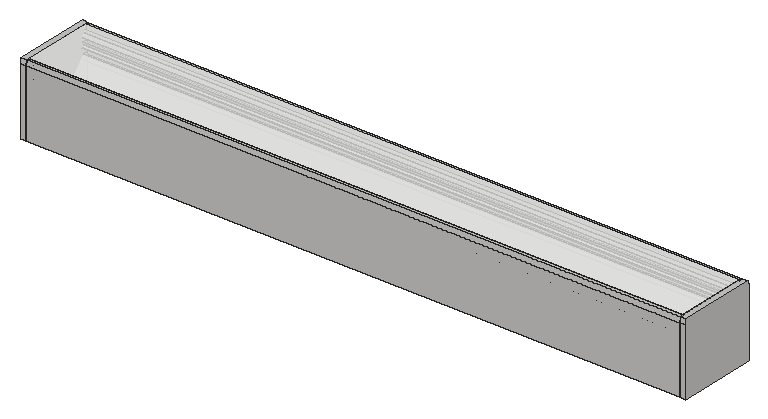
Revit family "Lighting - Luminii - Dagger - Array", category Lighting Fixtures, host Face, Revit 2020
Family settings
  Host = Face
  Round Connector Dimension = Use Diameter
  Part Type = Normal
  OmniClass Number = 23.80.70.11.14.21
  OmniClass Title = Spots and Tracklight Specialties
  Cut with Voids When Loaded = No
  Light Source = No
  Shared = Yes
  Room Calculation Point = No
Parameters (values of type "Dagger")
  Width = 1 51/128"  # constant formula
  Wattage Comments = "1.00 W/ft"
  Warranty URL = "https://www.luminii.com/terms-conditions/"
  Voltage Comments = " 120VAC - 277VAC"  # constant formula
  Voltage = 120 V
  Version = "2020 - v1.0a"  # constant formula
  URL = "https://www.luminii.com/"
  Support Phone = "224-699-9545"  # constant formula
  Support Email = "mailto:support@bimsmith.com"
  Product Page URL = "https://www.luminii.com/product/dagger/"
  Product Name = "Dagger – Static White"  # constant formula
  Product Documentation Link = "https://www.luminii.com/wp-content/uploads/z_special_catalog_products/products/dagger/specsheets/DAGGER_specsheet.pdf"
  Power Source Type = "Driver"  # constant formula
  Power Factor = 1
  Phase = 1
  Operating Temperature = "Consult Manufacturer Website for more Information"  # constant formula
  Number of Poles = if(and(or(Voltage = 120 V, Voltage = 277 V), Phase = 1), 1, if(and(or(Voltage = 208 V, Voltage = 240 V), Phase = 1), 2, if(and(or(Voltage = 208 V, Voltage = 240 V), Phase = 3), 3, if(and(Voltage > 300 V, Phase = 1), 2, if(and(Voltage > 400 V, Phase = 3), 3, 1)))))  # 1
  Mounting Method = "Surface Mount"  # constant formula
  Model = "565-135"
  Manufacturer Phone Number = "224-333-6033"  # constant formula
  Manufacturer Email = "mailto:info@luminii.com"
  Manufacturer Address = "7777 N Merrimac Ave, Niles, IL 60714"  # constant formula
  Manufacturer = "Luminii"  # constant formula
  Lumen Output = "98 lm/ft"
  Load Classification = Lighting
  Lens Material = Plastic - Luminii - Frosted Lens
  Length Comments [instance] = "Perfomance based on 1\" Photometric Web File"  # constant formula
  Length [instance] = if(Desired Length < 12", 12", if(Desired Length > 720", 720", (round(Desired Length / 1")) * 1"))  # 12"
  Lamp Life = 1
  Lamp = "LED"  # constant formula
  Keynote = "26 50 00"
  Instruction Sheet Link = "https://www.luminii.com/wp-content/uploads/z_special_catalog_products/products/dagger/specsheets/DAGGER_specsheet.pdf"
  Initial Color Comments = "Perfomance based on 3500K Photometric Web File"  # constant formula
  Housing Protection Rating = "IP20 Dry/IP66 Wet Series"  # constant formula
  Has Dimming = 1 = 1  # yes
  Has Battery Backup = 0 = 1  # no
  Frequency Comments = ""  # constant formula
  Frequency = 60 Hz
  Finish = Metal - Luminii - Silver Anodized Aluminum
  Environment = "Indoor"  # constant formula
  Desired Length [instance] = 12"
  Description = "Linear LED system"  # constant formula
  Depth = 1 77/256"  # constant formula
  Default Elevation = 0"  # constant formula
  Current Amps = 50 A
  Copyright = "©2023 Luminii"  # constant formula
  built-in parameter 1114216 [instance] = 0  # (empty or 0)
  built-in parameter 1140040 [instance] = 1 = 1  # 1
  CCT = "3000K"
  C LED Number [instance] = Length / 1"  # 12
  C End Caps Width = 13/128"  # constant formula
  Assembly Code = "D5020230"
  Apparent Load = 1 VA
Reference planes (in)
  plane 1 "Center (Front/Back)": y = 0
  plane 2: z = 0
  plane 3 "Center (Left/Right)": x = 0
  plane 4: x = -6
  plane 5: x = 6
  plane 6: y = 0.69922
  plane 7: y = -0.69922
  plane 8: x = -5.89844
  plane 9: x = 5.89844
  plane 10: z = 1.29921
Forms (in)
  Extrusion 1, solid, material "Metal - Luminii - Silver Anodized Aluminum", not visible
    sketch origin (0, 0, 0) x (1, 0, 0) y (0, 1, 0)
      loop
        circle (0, 0) r 0.5
    from 0 to -0.17225
  Sweep 2, solid, material "Metal - Luminii - Silver Anodized Aluminum" <- "Finish", detail levels medium+fine
    path origin (0, 0, 0) x (1, 0, 0) y (0, 1, 0)
      loop
        line (-5.89844, 0) -> (5.89844, 0)
    profile origin (0, 0, 0) x (0, 1, 0) y (0, 0, 1)
      loop
        line (0.70866, 1.2099) -> (0.69291, 1.29921) -> (0.64961, 1.29921) -> (0.64961, 1.12205) -> (0.60236, 1.12205) -> (0.60236, 1.04985)
        arc (0.60236, 1.04985) -> (0.60889, 1.03409) -> (0.62465, 1.02756) r 0.02229
        line (0.62465, 1.02756) -> (0.65748, 1.02756) -> (0.65748, 0.10827) -> (0.49727, 0.10827) -> (0.39486, 0.23031) -> (0.26378, 0.23031) -> (0.22919, 0.20129)
        arc (0.22919, 0.20129) -> (0.20822, 0.19853) -> (0.19685, 0.21637) r 0.01969
        line (0.19685, 0.21637) -> (0.19685, 0.33858) -> (0, 0.33858) -> (-0.19685, 0.33858) -> (-0.19685, 0.21637)
        arc (-0.19685, 0.21637) -> (-0.20822, 0.19853) -> (-0.22919, 0.20129) r 0.01969
        line (-0.22919, 0.20129) -> (-0.26378, 0.23031) -> (-0.39486, 0.23031) -> (-0.49727, 0.10827) -> (-0.65748, 0.10827) -> (-0.65748, 1.02756) -> (-0.62465, 1.02756)
        arc (-0.62465, 1.02756) -> (-0.60889, 1.03409) -> (-0.60236, 1.04985) r 0.02229
        line (-0.60236, 1.04985) -> (-0.60236, 1.12205) -> (-0.64961, 1.12205) -> (-0.64961, 1.29921) -> (-0.69291, 1.29921) -> (-0.70866, 1.2099) -> (-0.70866, 0) -> (-0.65551, 0) -> (-0.65551, 0.05512) -> (-0.47249, 0.05512) -> (-0.37008, 0.17717) -> (-0.32285, 0.17717)
        arc (-0.32285, 0.17717) -> (-0.29388, 0.14959) -> (-0.30664, 0.11168) r 0.03721
        line (-0.30664, 0.11168) -> (-0.338, 0.09201) -> (-0.31538, 0.06689)
        arc (-0.31538, 0.06689) -> (-0.28675, 0.05369) -> (-0.25746, 0.06537) r 0.03994
        line (-0.25746, 0.06537) -> (-0.22835, 0.09449) -> (-0.08858, 0.09449) -> (-0.08858, 0.14764) -> (-0.1437, 0.14764) -> (-0.1437, 0.28543) -> (0, 0.28543) -> (0.1437, 0.28543) -> (0.1437, 0.14764) -> (0.08858, 0.14764) -> (0.08858, 0.09449) -> (0.22835, 0.09449) -> (0.25746, 0.06537)
        arc (0.25746, 0.06537) -> (0.28675, 0.05369) -> (0.31538, 0.06689) r 0.03994
        line (0.31538, 0.06689) -> (0.338, 0.09201) -> (0.30664, 0.11168)
        arc (0.30664, 0.11168) -> (0.29388, 0.14959) -> (0.32285, 0.17717) r 0.03721
        line (0.32285, 0.17717) -> (0.37008, 0.17717) -> (0.47249, 0.05512) -> (0.65551, 0.05512) -> (0.65551, 0) -> (0.70866, 0) -> (0.70866, 1.2099)
  Sweep 3, solid, material "Plastic - Luminii - Frosted Lens" <- "Lens Material", detail levels medium+fine
    path origin (0, 0, 0) x (1, 0, 0) y (0, 1, 0)
      loop
        line (-5.89844, 0) -> (5.89844, 0)
    profile origin (0, 0, 0) x (0, 1, 0) y (0, 0, 1)
      loop
        line (0.64173, 1.29921) -> (-0.64173, 1.29921) -> (-0.64173, 1.12205) -> (-0.59449, 1.12205) -> (-0.59449, 1.04331) -> (-0.6261, 1.0117)
        arc (-0.6261, 1.0117) -> (-0.63302, 0.99499) -> (-0.6261, 0.97829) r 0.02362
        line (-0.6261, 0.97829) -> (-0.57877, 0.93096)
        arc (-0.57877, 0.93096) -> (-0.55094, 0.93096) -> (-0.55094, 0.9588) r 0.01969
        line (-0.55094, 0.9588) -> (-0.58369, 0.99155)
        arc (-0.58369, 0.99155) -> (-0.56794, 1.01513) -> (-0.55906, 1.04206) r 0.10515
        line (-0.55906, 1.04206) -> (-0.55906, 1.11434)
        arc (-0.55906, 1.11434) -> (-0.57123, 1.14888) -> (-0.60236, 1.16818) r 0.05512
        line (-0.60236, 1.16818) -> (-0.60236, 1.24016) -> (0.60236, 1.24016) -> (0.60236, 1.16818)
        arc (0.60236, 1.16818) -> (0.57123, 1.14888) -> (0.55906, 1.11434) r 0.05512
        line (0.55906, 1.11434) -> (0.55906, 1.04206)
        arc (0.55906, 1.04206) -> (0.56794, 1.01513) -> (0.58369, 0.99155) r 0.10515
        line (0.58369, 0.99155) -> (0.55094, 0.9588)
        arc (0.55094, 0.9588) -> (0.55094, 0.93096) -> (0.57877, 0.93096) r 0.01969
        line (0.57877, 0.93096) -> (0.6261, 0.97829)
        arc (0.6261, 0.97829) -> (0.63302, 0.99499) -> (0.6261, 1.0117) r 0.02362
        line (0.6261, 1.0117) -> (0.59449, 1.04331) -> (0.59449, 1.12205) -> (0.64173, 1.12205) -> (0.64173, 1.29921)
  Sweep 4, solid, material "Metal - Luminii - Silver Anodized Aluminum" <- "Finish", detail levels medium+fine
    path origin (0, 0, 0) x (1, 0, 0) y (0, 1, 0)
      loop
        line (-5.89844, 0) -> (-6, 0)
    profile origin (-5.94922, 0, 0) x (0, -1, 0) y (0, 0, 1)
      loop
        line (-0.69291, 1.29921) -> (-0.70866, 1.2099) -> (-0.70866, 0) -> (0.70866, 0) -> (0.70866, 1.2099) -> (0.69291, 1.29921) -> (-0.69291, 1.29921)
  Sweep 5, solid, material "Metal - Luminii - Silver Anodized Aluminum" <- "Finish", detail levels medium+fine
    path origin (0, 0, 0) x (-1, 0, 0) y (0, 1, 0)
      loop
        line (-5.89844, 0) -> (-6, 0)
    profile origin (5.94922, 0, 0) x (0, 1, 0) y (0, 0, 1)
      loop
        line (0.69291, 1.29921) -> (-0.69291, 1.29921) -> (-0.70866, 1.2099) -> (-0.70866, 0) -> (0.70866, 0) -> (0.70866, 1.2099) -> (0.69291, 1.29921)
  Sweep 6, solid, material "Plastic - Luminii - Frosted Lens" <- "Lens Material", detail levels medium+fine
    path origin (0, 0, 0) x (1, 0, 0) y (0, 1, 0)
      loop
        line (-5.89844, 0) -> (5.89844, 0)
    profile origin (0, 0, 0) x (0, 1, 0) y (0, 0, 1)
      loop
        line (0.33028, 0.54421) -> (0.26962, 0.41412) -> (0.06496, 0.41412) -> (0.06496, 0.45348) -> (-0.06496, 0.45348) -> (-0.06496, 0.41412) -> (-0.26962, 0.41412) -> (-0.33028, 0.54421) -> (-0.58396, 0.84654)
        arc (-0.58396, 0.84654) -> (-0.60678, 0.85341) -> (-0.62218, 0.83522) r 0.02173
        line (-0.62218, 0.83522) -> (-0.62775, 0.78986)
        arc (-0.62775, 0.78986) -> (-0.60664, 0.76206) -> (-0.57279, 0.7536) r 0.0526
        line (-0.57279, 0.7536) -> (-0.37382, 0.51648) -> (-0.28937, 0.33537) -> (0.28937, 0.33537) -> (0.37382, 0.51648) -> (0.57279, 0.7536)
        arc (0.57279, 0.7536) -> (0.60664, 0.76206) -> (0.62775, 0.78986) r 0.0526
        line (0.62775, 0.78986) -> (0.62218, 0.83522)
        arc (0.62218, 0.83522) -> (0.60678, 0.85341) -> (0.58396, 0.84654) r 0.02173
        line (0.58396, 0.84654) -> (0.33028, 0.54421)
  Sweep 7, solid, material "Metal - Luminii - Silver Anodized Aluminum" <- "Finish", detail levels coarse
    path origin (0, 0, 0) x (1, 0, 0) y (0, 1, 0)
      loop
        line (-5.89844, 0) -> (5.89844, 0)
    profile origin (0, 0, 0) x (0, 1, 0) y (0, 0, 1)
      loop
        line (0.70866, 1.29921) -> (0.65748, 1.29921) -> (0.65748, 0.33858) -> (-0.65748, 0.33858) -> (-0.65748, 1.29921) -> (-0.70866, 1.29921) -> (-0.70866, 0) -> (-0.65551, 0) -> (-0.65551, 0.05512) -> (0.65551, 0.05512) -> (0.65551, 0) -> (0.70866, 0) -> (0.70866, 1.29921)
  Sweep 8, solid, material "Plastic - Luminii - Frosted Lens" <- "Lens Material", detail levels coarse
    path origin (0, 0, 0) x (1, 0, 0) y (0, 1, 0)
      loop
        line (-5.89844, 0) -> (5.89844, 0)
    profile origin (0, 0, 0) x (0, 1, 0) y (0, 0, 1)
      loop
        line (0.64173, 1.29921) -> (-0.64173, 1.29921) -> (-0.64173, 0.33858) -> (0.64173, 0.33858) -> (0.64173, 1.29921)
  Sweep 9, solid, material "Metal - Luminii - Silver Anodized Aluminum" <- "Finish", detail levels coarse
    path origin (0, 0, 0) x (1, 0, 0) y (0, 1, 0)
      loop
        line (-5.89844, 0) -> (-6, 0)
    profile origin (-5.94922, 0, 0) x (0, -1, 0) y (0, 0, 1)
      loop
        line (-0.70866, 1.29921) -> (-0.70866, 0) -> (0.70866, 0) -> (0.70866, 1.29921) -> (-0.70866, 1.29921)
  Sweep 10, solid, material "Metal - Luminii - Silver Anodized Aluminum" <- "Finish", detail levels coarse
    path origin (0, 0, 0) x (-1, 0, 0) y (0, 1, 0)
      loop
        line (-5.89844, 0) -> (-6, 0)
    profile origin (5.94922, 0, 0) x (0, 1, 0) y (0, 0, 1)
      loop
        line (0.70866, 1.29921) -> (-0.70866, 1.29921) -> (-0.70866, 0) -> (0.70866, 0) -> (0.70866, 1.29921)
Dimensions and locks (in)
  equal spacing: plane 4, plane 3 "Center (Left/Right)", plane 5
  equal spacing: plane 6, plane 1 "Center (Front/Back)", plane 7
  "Width": plane 6 to plane 7
  "C End Caps Width": plane 9 to plane 5
  "C End Caps Width": plane 4 to plane 8
  "Length": plane 4 to plane 5
  equal spacing: group 1, group 3, group 4, group 5, group 6, group 7, group 8, group 9, group 10, group 11, group 12, group 2  (x3)
  aligned and locked: plane 2 to host face
  aligned and locked: plane 3 "Center (Left/Right)" to Extrusion 1 sketch curve
  aligned and locked: plane 1 "Center (Front/Back)" to Extrusion 1 sketch curve
  aligned and locked: plane 2 to Extrusion 1  (x2)
  aligned and locked: plane 8 to Sweep 2 sketch curve
  aligned and locked: plane 1 "Center (Front/Back)" to Sweep 2 sketch curve
  aligned and locked: plane 9 to Sweep 2 sketch curve
  aligned and locked: plane 1 "Center (Front/Back)" to Sweep 3 sketch curve
  aligned and locked: plane 9 to Sweep 3 sketch curve
  aligned and locked: plane 8 to Sweep 3 sketch curve
  aligned and locked: Sweep 4 sketch curve to plane 1 "Center (Front/Back)"
  aligned and locked: plane 8 to Sweep 4 sketch curve
  aligned and locked: plane 4 to Sweep 4 sketch curve
  aligned and locked: plane 9 to Sweep 5 sketch curve
  aligned and locked: plane 5 to Sweep 5 sketch curve
  aligned and locked: plane 1 "Center (Front/Back)" to Sweep 5 sketch curve
  aligned and locked: plane 8 to Sweep 6 sketch curve
  aligned and locked: plane 9 to Sweep 6 sketch curve
  aligned and locked: plane 1 "Center (Front/Back)" to Sweep 6 sketch curve
  aligned and locked: Sweep 6 sketch curve to level
  aligned and locked: plane 4 to Sweep 9 sketch curve
  aligned and locked: plane 8 to Sweep 9 sketch curve
  aligned and locked: Sweep 9 sketch curve to plane 1 "Center (Front/Back)"
  aligned and locked: host face to Sweep 9 sketch curve
  aligned and locked: plane 5 to Sweep 10 sketch curve
  aligned and locked: plane 9 to Sweep 10 sketch curve
  aligned and locked: plane 1 "Center (Front/Back)" to Sweep 10 sketch curve
  aligned and locked: Sweep 10 sketch curve to host face
  aligned and locked: plane 1 "Center (Front/Back)" to Sweep 7 sketch curve
  aligned and locked: plane 9 to Sweep 7 sketch curve
  aligned and locked: plane 8 to Sweep 7 sketch curve
  aligned and locked: Sweep 7 sketch curve to plane 2
  aligned and locked: plane 1 "Center (Front/Back)" to Sweep 8 sketch curve
  aligned and locked: plane 8 to Sweep 8 sketch curve
  aligned and locked: plane 9 to Sweep 8 sketch curve
  aligned and locked: plane 2 to nested 1
  aligned and locked: nested 1 to plane 1 "Center (Front/Back)"
  aligned and locked: nested 1 to plane 4
  aligned and locked: plane 2 to nested 2
  aligned and locked: nested 2 to plane 5
  aligned and locked: nested 2 to plane 1 "Center (Front/Back)"
Automatic sketch dimensions
  host sketch curve to host sketch curve = 96"  (x2)
  Sweep 4 sketch curve to level = 0"
  profile plane to Sweep 4 sketch curve = 0.70866"
  Sweep 4 sketch curve to Sweep 4 sketch curve = 0.01575"  (x2)
  Sweep 4 sketch curve to profile plane = 0.70866"
  level to Sweep 4 sketch curve = 1.2099"
  level to Sweep 4 sketch curve = 1.29921"
  Sweep 4 sketch curve to Sweep 4 sketch curve = 0.08931"
  Sweep 5 sketch curve to level = 0"
  profile plane to Sweep 5 sketch curve = 0.70866"
  Sweep 5 sketch curve to Sweep 5 sketch curve = 0.01575"  (x2)
  Sweep 5 sketch curve to profile plane = 0.69291"
  level to Sweep 5 sketch curve = 1.2099"  (x2)
  Sweep 5 sketch curve to Sweep 5 sketch curve = 0.08931"
  profile plane to Sweep 3 sketch curve = 0.66244"
  Sweep 3 sketch curve to Sweep 3 sketch curve = 0.02071"
  Sweep 3 sketch curve to Sweep 3 sketch curve = 0.03634"  (x2)
  Sweep 3 sketch curve to Sweep 3 sketch curve = 0"
  Sweep 3 sketch curve to Sweep 3 sketch curve = 0.02756"
  Sweep 3 sketch curve to Sweep 3 sketch curve = 0.0167"  (x5)
  Sweep 3 sketch curve to Sweep 3 sketch curve = 0.01181"
  Sweep 3 sketch curve to Sweep 3 sketch curve = 0.03161"
  Sweep 3 sketch curve to Sweep 3 sketch curve = 0.02571"  (x2)
  Sweep 3 sketch curve to Sweep 3 sketch curve = 0.00491"
  Sweep 3 sketch curve to Sweep 3 sketch curve = 0.01392"  (x6)
  Sweep 3 sketch curve to Sweep 3 sketch curve = 0.03543"  (x2)
  Sweep 3 sketch curve to profile plane = 0.55094"
  Sweep 3 sketch curve to Sweep 3 sketch curve = 0.00812"
  Sweep 3 sketch curve to Sweep 3 sketch curve = 0.03275"
  Sweep 3 sketch curve to Sweep 3 sketch curve = 0.00787"
  Sweep 3 sketch curve to Sweep 3 sketch curve = 0.01969"
  Sweep 3 sketch curve to Sweep 3 sketch curve = 0.03937"
  level to Sweep 3 sketch curve = 0.93096"  (x2)
  Sweep 3 sketch curve to Sweep 3 sketch curve = 0.04733"  (x2)
  Sweep 3 sketch curve to Sweep 3 sketch curve = 0.01327"  (x2)
  Sweep 3 sketch curve to Sweep 3 sketch curve = 0.05051"  (x2)
  Sweep 3 sketch curve to Sweep 3 sketch curve = 0.00125"  (x2)
  Sweep 3 sketch curve to Sweep 3 sketch curve = 0.05311"  (x2)
  Sweep 3 sketch curve to Sweep 3 sketch curve = 0.00771"  (x2)
  Sweep 3 sketch curve to Sweep 3 sketch curve = 0.07198"
  Sweep 3 sketch curve to Sweep 3 sketch curve = 0.05906"
  Sweep 2 sketch curve to level = 0"  (x2)
  Sweep 2 sketch curve to profile plane = 0"  (x2)
  profile plane to Sweep 2 sketch curve = 0.08858"
  Sweep 2 sketch curve to Sweep 2 sketch curve = 0.05512"
  Sweep 2 sketch curve to Sweep 2 sketch curve = 0.05315"  (x7)
  Sweep 2 sketch curve to Sweep 2 sketch curve = 0.01969"  (x2)
  Sweep 2 sketch curve to Sweep 2 sketch curve = 0.08465"  (x2)
  Sweep 2 sketch curve to Sweep 2 sketch curve = 0.01265"  (x2)
  level to Sweep 2 sketch curve = 0.06537"  (x2)
  Sweep 2 sketch curve to Sweep 2 sketch curve = 0.02911"  (x2)
  Sweep 2 sketch curve to Sweep 2 sketch curve = 0.03459"  (x2)
  Sweep 2 sketch curve to Sweep 2 sketch curve = 0.02824"  (x2)
  level to Sweep 2 sketch curve = 0.11168"  (x2)
  Sweep 2 sketch curve to Sweep 2 sketch curve = 0.02094"  (x2)
  level to Sweep 2 sketch curve = 0.06689"  (x2)
  Sweep 2 sketch curve to Sweep 2 sketch curve = 0.02968"  (x2)
  Sweep 2 sketch curve to Sweep 2 sketch curve = 0.01621"  (x2)
  Sweep 2 sketch curve to Sweep 2 sketch curve = 0.00715"  (x2)
  level to Sweep 2 sketch curve = 0.09201"  (x2)
  Sweep 2 sketch curve to Sweep 2 sketch curve = 0.02262"  (x2)
  level to Sweep 2 sketch curve = 0.17717"  (x2)
  Sweep 2 sketch curve to Sweep 2 sketch curve = 0.04723"  (x2)
  Sweep 2 sketch curve to Sweep 2 sketch curve = 0.02478"  (x4)
  level to Sweep 2 sketch curve = 0.05512"  (x2)
  Sweep 2 sketch curve to Sweep 2 sketch curve = 0.13449"  (x2)
  Sweep 2 sketch curve to Sweep 2 sketch curve = 0.02229"  (x2)
  Sweep 2 sketch curve to Sweep 2 sketch curve = 0.04724"  (x2)
  Sweep 2 sketch curve to Sweep 2 sketch curve = 0.15824"
  Sweep 2 sketch curve to Sweep 2 sketch curve = 0.03283"  (x2)
  Sweep 2 sketch curve to Sweep 2 sketch curve = 0.04331"  (x2)
  Sweep 2 sketch curve to Sweep 2 sketch curve = 0.01575"
  Sweep 2 sketch curve to profile plane = 0.08858"
  Sweep 2 sketch curve to Sweep 2 sketch curve = 0.1437"
  level to Sweep 2 sketch curve = 0.09449"  (x2)
  level to Sweep 2 sketch curve = 0.10827"
  Sweep 2 sketch curve to profile plane = 0.60236"
  Sweep 2 sketch curve to Sweep 2 sketch curve = 0.18302"
  Sweep 2 sketch curve to Sweep 2 sketch curve = 0.02412"  (x2)
  Sweep 2 sketch curve to Sweep 2 sketch curve = 0.02903"  (x2)
  Sweep 2 sketch curve to Sweep 2 sketch curve = 0.1378"
  Sweep 2 sketch curve to Sweep 2 sketch curve = 0.68898"  (x2)
  Sweep 2 sketch curve to Sweep 2 sketch curve = 0.0722"  (x2)
  Sweep 2 sketch curve to Sweep 2 sketch curve = 0.08785"  (x2)
  Sweep 2 sketch curve to Sweep 2 sketch curve = 0.08931"  (x2)
  Sweep 2 sketch curve to Sweep 2 sketch curve = 0.00197"
  Sweep 6 sketch curve to Sweep 6 sketch curve = 0.00557"  (x2)
  Sweep 6 sketch curve to Sweep 6 sketch curve = 0.02157"  (x2)
  Sweep 6 sketch curve to Sweep 6 sketch curve = 0.01665"  (x2)
  Sweep 6 sketch curve to Sweep 6 sketch curve = 0.02293"
  Sweep 6 sketch curve to Sweep 6 sketch curve = 0.00489"  (x2)
  Sweep 6 sketch curve to Sweep 6 sketch curve = 0.19897"  (x2)
  Sweep 6 sketch curve to Sweep 6 sketch curve = 0.04354"  (x2)
  Sweep 6 sketch curve to profile plane = 0.26962"
  Sweep 6 sketch curve to Sweep 6 sketch curve = 0.01975"  (x2)
  Sweep 6 sketch curve to Sweep 6 sketch curve = 0.06067"
  Sweep 6 sketch curve to Sweep 6 sketch curve = 0.00628"
  level to Sweep 6 sketch curve = 0.33537"
  Sweep 6 sketch curve to Sweep 6 sketch curve = 0.07874"
  Sweep 6 sketch curve to Sweep 6 sketch curve = 0.10236"  (x2)
  Sweep 6 sketch curve to Sweep 6 sketch curve = 0.02774"  (x2)
  Sweep 6 sketch curve to Sweep 6 sketch curve = 0.23712"  (x2)
  Sweep 6 sketch curve to Sweep 6 sketch curve = 0.03626"  (x2)
  Sweep 6 sketch curve to Sweep 6 sketch curve = 0.02661"  (x2)
  Sweep 6 sketch curve to Sweep 6 sketch curve = 0.00265"  (x2)
  Sweep 6 sketch curve to Sweep 6 sketch curve = 0.08445"
  profile plane to Sweep 6 sketch curve = 0.28937"
  profile plane to Sweep 6 sketch curve = 0.06496"
  Sweep 6 sketch curve to profile plane = 0.06496"
  Sweep 6 sketch curve to Sweep 6 sketch curve = 0"
  Sweep 6 sketch curve to Sweep 6 sketch curve = 0.03937"
  Sweep 8 sketch curve to Sweep 8 sketch curve = 0.96063"
  Sweep 9 sketch curve to level = 0"
  profile plane to Sweep 9 sketch curve = 0.70866"
  level to Sweep 9 sketch curve = 1.29921"
  Sweep 10 sketch curve to level = 0"
  profile plane to Sweep 10 sketch curve = 0.70866"
  Sweep 9 sketch curve to profile plane = 0.70866"
  Sweep 10 sketch curve to profile plane = 0.70866"
  level to Sweep 10 sketch curve = 1.29921"
  Sweep 7 sketch curve to level = 0"  (x2)
  level to Sweep 7 sketch curve = 0.05512"
  Sweep 7 sketch curve to Sweep 7 sketch curve = 0.00197"  (x2)
  Sweep 7 sketch curve to Sweep 7 sketch curve = 0.05118"  (x2)
  Sweep 7 sketch curve to Sweep 7 sketch curve = 0.28346"
  Sweep 7 sketch curve to Sweep 7 sketch curve = 0.96063"  (x2)
  Sweep 7 sketch curve to profile plane = 0.65551"
  profile plane to Sweep 7 sketch curve = 0.65748"
  Sweep 8 sketch curve to profile plane = 0.64173"
  profile plane to Sweep 8 sketch curve = 0.64173"
  level to Sweep 8 sketch curve = 0.33858"
  radius of Extrusion 1 sketch curve = 1/2"
Nested families (in)
  nested 1: "Lighting - Luminii - Dagger - Nested Light Source" at (-5.5, 0, 0) x (-1, 0, 0) z (0, 0, 1), type "Default"
    with Length Comments "Perfomance based on 1\" Photometric Web File", Length 1", Desired Length 1", built-in parameter 1114216 (empty or 0), built-in parameter 1140040 1
  nested 2: "Lighting - Luminii - Dagger - Nested Light Source" at (5.5, 0, 0) x (-1, 0, 0) z (0, 0, 1), type "Default"
    with Length Comments "Perfomance based on 1\" Photometric Web File", Length 1", Desired Length 1", built-in parameter 1114216 (empty or 0), built-in parameter 1140040 1
  nested 3: "Lighting - Luminii - Dagger - Nested Light Source" at (-4.5, 0, 0) x (-1, 0, 0) z (0, 0, 1), type "Default"
    with Length Comments "Perfomance based on 1\" Photometric Web File", Length 1", Desired Length 1", built-in parameter 1114216 (empty or 0), built-in parameter 1140040 1
  nested 4: "Lighting - Luminii - Dagger - Nested Light Source" at (-3.5, 0, 0) x (-1, 0, 0) z (0, 0, 1), type "Default"
    with Length Comments "Perfomance based on 1\" Photometric Web File", Length 1", Desired Length 1", built-in parameter 1114216 (empty or 0), built-in parameter 1140040 1
  nested 5: "Lighting - Luminii - Dagger - Nested Light Source" at (-2.5, 0, 0) x (-1, 0, 0) z (0, 0, 1), type "Default"
    with Length Comments "Perfomance based on 1\" Photometric Web File", Length 1", Desired Length 1", built-in parameter 1114216 (empty or 0), built-in parameter 1140040 1
  nested 6: "Lighting - Luminii - Dagger - Nested Light Source" at (-1.5, 0, 0) x (-1, 0, 0) z (0, 0, 1), type "Default"
    with Length Comments "Perfomance based on 1\" Photometric Web File", Length 1", Desired Length 1", built-in parameter 1114216 (empty or 0), built-in parameter 1140040 1
  nested 7: "Lighting - Luminii - Dagger - Nested Light Source" at (-0.5, 0, 0) x (-1, 0, 0) z (0, 0, 1), type "Default"
    with Length Comments "Perfomance based on 1\" Photometric Web File", Length 1", Desired Length 1", built-in parameter 1114216 (empty or 0), built-in parameter 1140040 1
  nested 8: "Lighting - Luminii - Dagger - Nested Light Source" at (0.5, 0, 0) x (-1, 0, 0) z (0, 0, 1), type "Default"
    with Length Comments "Perfomance based on 1\" Photometric Web File", Length 1", Desired Length 1", built-in parameter 1114216 (empty or 0), built-in parameter 1140040 1
  nested 9: "Lighting - Luminii - Dagger - Nested Light Source" at (1.5, 0, 0) x (-1, 0, 0) z (0, 0, 1), type "Default"
    with Length Comments "Perfomance based on 1\" Photometric Web File", Length 1", Desired Length 1", built-in parameter 1114216 (empty or 0), built-in parameter 1140040 1
  nested 10: "Lighting - Luminii - Dagger - Nested Light Source" at (2.5, 0, 0) x (-1, 0, 0) z (0, 0, 1), type "Default"
    with Length Comments "Perfomance based on 1\" Photometric Web File", Length 1", Desired Length 1", built-in parameter 1114216 (empty or 0), built-in parameter 1140040 1
  nested 11: "Lighting - Luminii - Dagger - Nested Light Source" at (3.5, 0, 0) x (-1, 0, 0) z (0, 0, 1), type "Default"
    with Length Comments "Perfomance based on 1\" Photometric Web File", Length 1", Desired Length 1", built-in parameter 1114216 (empty or 0), built-in parameter 1140040 1
  nested 12: "Lighting - Luminii - Dagger - Nested Light Source" at (4.5, 0, 0) x (-1, 0, 0) z (0, 0, 1), type "Default"
    with Length Comments "Perfomance based on 1\" Photometric Web File", Length 1", Desired Length 1", built-in parameter 1114216 (empty or 0), built-in parameter 1140040 1
Connectors (in)
  electrical at (0, 0, 0), driven by "Number of Poles", driven by "Load Classification", driven by "Voltage", driven by "Apparent Load", driven by "Power Factor"
    settings: on Extrusion 1, index 1, voltage 120 V, apparent load 1 VA, apparent load phase1 0 VA, apparent load phase2 0 VA, apparent load phase3 0 VA, power factor 1, load classification "Lighting", number of poles 1, system type 30, power factor state 1, is connector primary yes, connector utility no, sub classification motor no, connector description "Power Connection"
Definition of nested family "Lighting - Luminii - Dagger - Nested Light Source"
  Parameters (values of type "Default")
    Width = 1 51/128"  # constant formula
    Wattage Comments = "1.00 W/ft"
    Wattage = 1 W
    Warranty URL = "https://www.luminii.com/terms-conditions/"
    built-in parameter 1150110 = 1 (stored number, unit not read)
    Voltage Comments = " 120VAC - 277VAC"  # constant formula
    Voltage = 120 V
    Version = "2020 - v1.0a"  # constant formula
    URL = "https://www.luminii.com/"
    built-in parameter 1114217 = 1 (stored number, unit not read)
    Tilt Angle = -90.00°  # constant formula
    built-in parameter 1150109 = 1 (stored number, unit not read)
    built-in parameter 1150134 = (empty or 0)
    built-in parameter 1150113 = 1 (stored number, unit not read)
    Support Phone = "224-699-9545"  # constant formula
    Support Email = "mailto:support@bimsmith.com"
    Product Page URL = "https://www.luminii.com/product/dagger/"
    Product Name = "Dagger – Static White"  # constant formula
    Product Documentation Link = "https://www.luminii.com/wp-content/uploads/z_special_catalog_products/products/dagger/specsheets/DAGGER_specsheet.pdf"
    Power Source Type = "Driver"  # constant formula
    Power Factor = 1
    Photometric Web File = "565-136-502-XX-382-35-1'.ies"
    Phase = 1
    Operating Temperature = "Consult Manufacturer Website for more Information"  # constant formula
    Number of Poles = if(and(or(Voltage = 120 V, Voltage = 277 V), Phase = 1), 1, if(and(or(Voltage = 208 V, Voltage = 240 V), Phase = 1), 2, if(and(or(Voltage = 208 V, Voltage = 240 V), Phase = 3), 3, if(and(Voltage > 300 V, Phase = 1), 2, if(and(Voltage > 400 V, Phase = 3), 3, 1)))))  # 1
    Mounting Method = "Surface Mount"  # constant formula
    Model = "565-135"
    Manufacturer Phone Number = "224-333-6033"  # constant formula
    Manufacturer Email = "mailto:info@luminii.com"
    Manufacturer Address = "7777 N Merrimac Ave, Niles, IL 60714"  # constant formula
    Manufacturer = "Luminii"  # constant formula
    built-in parameter 1150105 = 7.7986 (stored number, unit not read)
    Lumens = 98 lm
    built-in parameter 1150115 = 1 (stored number, unit not read)
    Lumen Output = "98 lm/ft"
    Load Classification = none
    built-in parameter 1150137 = (empty or 0)
    built-in parameter 1150139 = (empty or 0)
    Lens Material = none
    Length Comments [instance] = "Perfomance based on 1\" Photometric Web File"  # constant formula
    Length [instance] = 1"  # constant formula
    built-in parameter 1150112 = 1 (stored number, unit not read)
    built-in parameter 1150114 = 1 (stored number, unit not read)
    Lamp Life = 1
    Lamp = "LED"  # constant formula
    Keynote = "26 50 00"
    Instruction Sheet Link = "https://www.luminii.com/wp-content/uploads/z_special_catalog_products/products/dagger/specsheets/DAGGER_specsheet.pdf"
    built-in parameter 1150132 = (empty or 0)
    built-in parameter 1150102 = (empty or 0)
    built-in parameter 1150107 = 3000 (stored number, unit not read)
    Initial Color Comments = "Perfomance based on 3000K Photometric Web File"  # constant formula
    built-in parameter 1150138 = (empty or 0)
    built-in parameter 1150106 = 0.077986 (stored number, unit not read)
    Housing Protection Rating = "IP20 Dry/IP66 Wet Series"  # constant formula
    Has Dimming = 1 = 1  # yes
    Has Battery Backup = 0 = 1  # no
    Frequency Comments = ""  # constant formula
    Frequency = 60 Hz
    Finish = none
    Environment = "Indoor"  # constant formula
    Emit from Rectangle Width = Width  # 1 51/128"
    Emit from Rectangle Length = 1"
    Emit Shape Visible in Rendering = yes
    built-in parameter 1150104 = 9.1045 (stored number, unit not read)
    Dimming Lamp Color Temperature Shift = (empty or 0)
    Desired Length [instance] = 1"
    Description = "Linear LED system"  # constant formula
    Depth = 1 77/256"  # constant formula
    Default Elevation = 0"  # constant formula
    Current Amps = 50 A
    Copyright = "©2023 Luminii"  # constant formula
    Color Filter = 16777215
    built-in parameter 1114216 [instance] = 0  # (empty or 0)
    built-in parameter 1140040 [instance] = 1 = 1  # 1
    CCT = "3000K"
    C End Caps Width = 13/128"  # constant formula
    built-in parameter 1114218 = 1 (stored number, unit not read)
    built-in parameter 1150133 = 10 (stored number, unit not read)
    Assembly Code = "D5020230"
    Apparent Load = Wattage / Power Factor  # 1 VA
  Reference planes (in)
    plane 1 "Center (Front/Back)": y = 0
    plane 2: z = 0
    plane 3 "Center (Left/Right)": x = 0
    plane 4: x = -0.5
    plane 5: x = 0.5
    plane 6: y = 0.69922
    plane 7: y = -0.69922
    plane 8: x = -0.39844
    plane 9: x = 0.39844
    plane 10: z = 1.29921
  Forms (in)
    Extrusion 1, solid
      sketch origin (0, 0, 0) x (1, 0, 0) y (0, 1, 0)
        loop
          line (-48, 48) -> (-48, -48) -> (48, -48) -> (48, 48) -> (-48, 48)
      from 0 to -12
    Extrusion 2, solid, not visible
      sketch origin (0, 0, 0) x (1, 0, 0) y (0, 1, 0)
        loop
          circle (0, 0) r 0.5
      from 0 to -0.17225
  Dimensions and locks (in)
    equal spacing: plane 4, plane 3 "Center (Left/Right)", plane 5
    equal spacing: plane 6, plane 1 "Center (Front/Back)", plane 7
    "Width": plane 6 to plane 7
    "C End Caps Width": plane 9 to plane 5
    "C End Caps Width": plane 4 to plane 8
    "Length": plane 4 to plane 5
    aligned and locked: plane 2 to Extrusion 1
    aligned and locked: plane 3 "Center (Left/Right)" to Extrusion 2 sketch curve
    aligned and locked: plane 1 "Center (Front/Back)" to Extrusion 2 sketch curve
    aligned and locked: plane 2 to Extrusion 2  (x2)
    aligned and locked: imposter light to plane 3 "Center (Left/Right)"
    aligned and locked: imposter light to plane 1 "Center (Front/Back)"
    aligned and locked: imposter light to plane 10
  Automatic sketch dimensions
    Extrusion 1 sketch curve to Extrusion 1 sketch curve = 96"  (x2)
    radius of Extrusion 2 sketch curve = 1/2"
  Connectors (in)
    electrical at (0, 0, 0), driven by "Number of Poles", driven by "Load Classification", driven by "Voltage", driven by "Apparent Load", driven by "Power Factor"
      settings: on Extrusion 2, index 1, voltage 120 V, apparent load 1 VA, apparent load phase1 0 VA, apparent load phase2 0 VA, apparent load phase3 0 VA, power factor 1, load classification none, number of poles 1, system type 30, power factor state 1, is connector primary yes, connector utility no, sub classification motor no, connector description "Power Connection"
